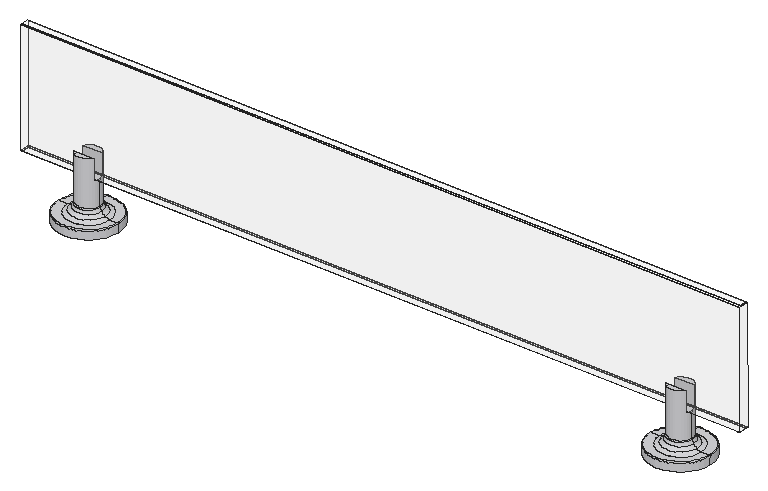
Revit family "Accessory-Shelf-KOHLER-Purist-K-14440BR", category Specialty Equipment, host Face, Revit 2017
Family settings
  Host = Face
  Round Connector Dimension = Use Diameter
  Part Type = Normal
  OmniClass Number = 23.31.25.00
  OmniClass Title = Toilet and Bath Specialties
  Cut with Voids When Loaded = No
  Shared = No
  Room Calculation Point = No
Parameters (values of type "CP-Polished Chrome")
  Width = 4 7/8"  # constant formula
  WaterSense Certified = 1 = 0  # no
  URL = "https://br.kohler.com/"
  Type = 1
  Product Page URL = "https://br.kohler.com/product-detail/14440br?skuid=K-14440BR-CP"
  Product Name = "Purist"  # constant formula
  Product Documentation Link = "http://resources.kohler.com/plumbing/kohlerbrazil/pdf/1087645_BR2.pdf"
  Model = "K-14440BR-CP"  # constant formula
  Material = "Premium Metal Construction"  # constant formula
  Master Format 2014 Name = "Toilet, Bath, and Laundry Accessories"  # constant formula
  Master Format 2014 = "10 28 00"  # constant formula
  Manufacturer Address = "Rio de Janeiro MULTIREPAROS RUA BATISTA DA COSTA, Nº 352 | STORE B Rio de Janeiro SÃO GONÇALO 24450-470"  # constant formula
  Manufacturer = "KOHLER Co."  # constant formula
  Length = 22 1/2"
  Height = 1 7/8"  # constant formula
  Finish = Kohler-Metal-CP-Polished_Chrome
  Environmental Product Declaration = ""
  Description = "Shelf"  # constant formula
  Default Elevation = 42"
  Declare Label = ""
  Date Modified = "07/09/2020"  # constant formula
  Date Created = "07/09/2020"  # constant formula
  Copyright = "Copyright KOHLER Co."  # constant formula
  Contact Us = "https://br.kohler.com/asr-listing"
  Assembly Code = "C1030200"
  ADA Compliant = 1 = 0  # no
Reference planes (in)
  plane 1 "Center (Front/Back)": y = 0
  plane 2: z = 0
  plane 3 "Center (Left/Right)": x = 0
  plane 4: x = -10.1875
  plane 5: x = -8.3125
  plane 6: z = 0.2559
  plane 7: x = -9.25
  plane 8: x = 10.1875
  plane 9: x = 8.3125
  plane 10: x = 9.25
  plane 11: y = 0.9375
  plane 12: y = -0.9375
  plane 13: z = 4.875
  plane 14: z = 1.92913
  plane 15: z = 1.29921
  plane 16: x = -11.25
  plane 17: x = 11.25
  plane 18: y = 0.15748
  plane 19: y = -0.15748
Dimensions and locks (in)
  plane 9 to plane 8 = 1 7/8"
  plane 4 to plane 5 = 1 7/8"
  "Height": plane 11 to plane 12
  "Length": plane 16 to plane 17
  plane 4 to plane 8 = 20 3/8"
  "Width": plane 13 to level
  aligned and locked: plane 2 to host face
  aligned and locked: level to host face
  aligned and locked: plane 3 "Center (Left/Right)" to nested 1
  aligned and locked: plane 1 "Center (Front/Back)" to nested 1
  aligned and locked: plane 16 to nested 1
  aligned and locked: plane 4 to nested 1
  aligned and locked: plane 7 to nested 1
  aligned and locked: plane 5 to nested 1
Automatic sketch dimensions
  host sketch curve to host sketch curve = 96"  (x2)
Nested families (in)
  nested 1: "K-14440BR" at (0, 0, 0), type "K-14440BR"
Definition of nested family "K-14440BR"
  Parameters (values of type "K-14440BR")
    Material = none
  Reference planes (in)
    plane 1 "Center (Front/Back)": y = 0
    plane 2: z = 0
    plane 3 "Center (Left/Right)": x = 0
    plane 4: x = 11.25
    plane 5: x = -11.25
    plane 6: z = 4.875
    plane 7: x = -9.25
    plane 8: x = 9.25
    plane 9: x = -8.3125
    plane 10: x = -10.1875
    plane 11: x = 10.1875
    plane 12: x = 8.3125
    plane 13: z = 1.29921
    plane 14: y = -0.9375
    plane 15: y = 0.9375
    plane 16: y = 0.15748
    plane 17: y = -0.15748
    plane 18: z = 1.92913
  Forms (in)
    Extrusion 1, solid, detail levels medium+fine
      sketch origin (0, 0, 0) x (1, 0, 0) y (0, 0, 1)
        loop
          line (-11.22736, 4.875) -> (-11.25, 4.85236) -> (-11.25, 1.32874) -> (-11.22047, 1.29921) -> (11.22047, 1.29921) -> (11.25, 1.32874) -> (11.25, 4.85236) -> (11.22736, 4.875) -> (-11.22736, 4.875)
      from -0.15748 to 0.15748
    Revolve 2, solid, material <- "Material", detail levels medium+fine
      sketch origin (0, 0, 0) x (1, 0, 0) y (0, 0, 1)
        loop
          line (-9.25, 0) -> (-9.25, 1.92913) -> (-9.6064, 1.92913) -> (-9.6064, 0.55118)
          arc (-9.6064, 0.55118) -> (-9.61584, 0.53456) -> (-9.62089, 0.51613) r 0.07695
          arc (-9.62089, 0.51613) -> (-9.634, 0.46178) -> (-9.657, 0.41081) r 0.29888
          arc (-9.657, 0.41081) -> (-9.70382, 0.35106) -> (-9.76594, 0.30744) r 0.25918
          arc (-9.76594, 0.30744) -> (-9.83406, 0.27783) -> (-9.90503, 0.2559) r 0.67278
          line (-9.90503, 0.2559) -> (-10.16691, 0.2559)
          arc (-10.16691, 0.2559) -> (-10.18147, 0.24987) -> (-10.1875, 0.23532) r 0.02059
          line (-10.1875, 0.23532) -> (-10.1875, 0) -> (-9.25, 0)
        axis (-9.25, 0) -> (-9.25, 1.92913)
      angle from 0 to 360
    Extrusion 3, void
      sketch origin (0, 0, 0) x (1, 0, 0) y (0, 0, 1)
        loop
          line (-9.56324, 2.00338) -> (-9.65982, 2.00338) -> (-9.65982, 1.29921) -> (-9.56324, 1.29921) -> (-9.56324, 2.00338)
        loop
          line (-8.93676, 2.00338) -> (-8.93676, 1.29921) -> (-8.84018, 1.29921) -> (-8.84018, 2.00338) -> (-8.93676, 2.00338)
      from -0.44704 to 0.43307
    Extrusion 4, void
      sketch origin (0, 0, 0) x (0, 1, 0) y (0, 0, 1)
        loop
          line (0.17001, 1.29921) -> (0.17001, 2.02638) -> (-0.17001, 2.02638) -> (-0.17001, 1.29921) -> (0.17001, 1.29921)
      from -11.97132 to 12
    Extrusion 5, void
      sketch origin (0, 0, 0) x (0, 1, 0) y (0, 0, 1)
        loop
          line (0.125, 4.875) -> (0.16189, 4.83811) -> (0.16189, 4.8919) -> (-0.16506, 4.8919) -> (-0.16506, 4.83494) -> (-0.125, 4.875) -> (0.125, 4.875)
      from -11.52539 to 12
    Extrusion 6, void
      sketch origin (0, 0, 6.17126) x (0, 1, 0) y (0, 0, 1)
        loop
          line (0.125, -4.875) -> (-0.125, -4.875) -> (-0.16506, -4.83494) -> (-0.16506, -4.8919) -> (0.16189, -4.8919) -> (0.16189, -4.83811) -> (0.125, -4.875)
      from -11.52539 to 12
    Revolve 7, solid, material <- "Material", detail levels medium+fine
      sketch origin (0, 0, 0) x (-1, 0, 0) y (0, 0, 1)
        loop
          line (-9.25, 0) -> (-9.25, 1.92913) -> (-9.6064, 1.92913) -> (-9.6064, 0.55118)
          arc (-9.6064, 0.55118) -> (-9.61584, 0.53456) -> (-9.62089, 0.51613) r 0.07695
          arc (-9.62089, 0.51613) -> (-9.634, 0.46178) -> (-9.657, 0.41081) r 0.29888
          arc (-9.657, 0.41081) -> (-9.70382, 0.35106) -> (-9.76594, 0.30744) r 0.25918
          arc (-9.76594, 0.30744) -> (-9.83406, 0.27783) -> (-9.90503, 0.2559) r 0.67278
          line (-9.90503, 0.2559) -> (-10.16691, 0.2559)
          arc (-10.16691, 0.2559) -> (-10.18147, 0.24987) -> (-10.1875, 0.23532) r 0.02059
          line (-10.1875, 0.23532) -> (-10.1875, 0) -> (-9.25, 0)
        axis (-9.25, 0) -> (-9.25, 1.92913)
      angle from 0 to 360
    Extrusion 8, solid, detail levels coarse
      sketch origin (0, 0, 0) x (1, 0, 0) y (0, 0, 1)
        loop
          line (-11.25, 4.875) -> (-11.25, 1.29921) -> (11.25, 1.29921) -> (11.25, 4.875) -> (-11.25, 4.875)
      from -0.15748 to 0.15748
    Revolve 9, solid, material <- "Material", detail levels coarse
      sketch origin (0, 0, 0) x (1, 0, 0) y (0, 0, 1)
        loop
          line (-9.25014, 0) -> (-9.25014, 1.92913) -> (-9.65291, 1.92913) -> (-9.65291, 1.29921) -> (-9.65291, 0.55865) -> (-10.1875, 0.25) -> (-10.1875, 0) -> (-9.25014, 0)
        axis (-9.25014, 0) -> (-9.25014, 1.92913)
      angle from 0 to 360
    Revolve 10, solid, material <- "Material", detail levels coarse
      sketch origin (0, 0, 0) x (-1, 0, 0) y (0, 0, 1)
        loop
          line (-9.25014, 0) -> (-9.25014, 1.92913) -> (-9.65291, 1.92913) -> (-9.65291, 1.29921) -> (-9.65291, 0.55865) -> (-10.1875, 0.25) -> (-10.1875, 0) -> (-9.25014, 0)
        axis (-9.25014, 0) -> (-9.25014, 1.92913)
      angle from 0 to 360
  Cuts and joins
    Extrusion 3, Extrusion 4 cuts Revolve 2
    Extrusion 4 cuts Revolve 7
    joined: Revolve 2, Revolve 7
    Extrusion 5, Extrusion 6 cuts Extrusion 1
    Extrusion 4 cuts Revolve 9
    Extrusion 4 cuts Revolve 10
    joined: Revolve 9, Revolve 10
  Lines and regions (in)
    Masking region 1
      outline origin (0, 0, 0) x (1, 0, 0) y (0, 0, 1)
        loop
          line (-11.25, 4.875) -> (-11.25, 1.29921) -> (-9.6064, 1.29921) -> (-9.6064, 0.55118)
          arc (-9.6064, 0.55118) -> (-9.61584, 0.53456) -> (-9.62089, 0.51613) r 0.07695
          arc (-9.62089, 0.51613) -> (-9.634, 0.46178) -> (-9.657, 0.41081) r 0.29888
          arc (-9.657, 0.41081) -> (-9.70382, 0.35106) -> (-9.76594, 0.30744) r 0.25918
          arc (-9.76594, 0.30744) -> (-9.83406, 0.27783) -> (-9.90503, 0.2559) r 0.67278
          line (-9.90503, 0.2559) -> (-10.16691, 0.2559)
          arc (-10.16691, 0.2559) -> (-10.18147, 0.24987) -> (-10.1875, 0.23532) r 0.02059
          line (-10.1875, 0.23532) -> (-10.1875, 0) -> (-8.3125, 0) -> (-8.3125, 0.23532)
          arc (-8.3125, 0.23532) -> (-8.31853, 0.24987) -> (-8.33309, 0.2559) r 0.02059
          line (-8.33309, 0.2559) -> (-8.59497, 0.2559)
          arc (-8.59497, 0.2559) -> (-8.66594, 0.27783) -> (-8.73406, 0.30744) r 0.67278
          arc (-8.73406, 0.30744) -> (-8.79618, 0.35106) -> (-8.843, 0.41081) r 0.25918
          arc (-8.843, 0.41081) -> (-8.866, 0.46178) -> (-8.87911, 0.51613) r 0.29888
          arc (-8.87911, 0.51613) -> (-8.88416, 0.53456) -> (-8.8936, 0.55118) r 0.07695
          line (-8.8936, 0.55118) -> (-8.8936, 1.29921) -> (8.8936, 1.29921) -> (8.8936, 0.55118)
          arc (8.8936, 0.55118) -> (8.88416, 0.53456) -> (8.87911, 0.51613) r 0.07695
          arc (8.87911, 0.51613) -> (8.866, 0.46178) -> (8.843, 0.41081) r 0.29888
          arc (8.843, 0.41081) -> (8.79618, 0.35106) -> (8.73406, 0.30744) r 0.25918
          arc (8.73406, 0.30744) -> (8.66594, 0.27783) -> (8.59497, 0.2559) r 0.67278
          line (8.59497, 0.2559) -> (8.33309, 0.2559)
          arc (8.33309, 0.2559) -> (8.31853, 0.24987) -> (8.3125, 0.23532) r 0.02059
          line (8.3125, 0.23532) -> (8.3125, 0) -> (10.1875, 0) -> (10.1875, 0.23532)
          arc (10.1875, 0.23532) -> (10.18147, 0.24987) -> (10.16691, 0.2559) r 0.02059
          line (10.16691, 0.2559) -> (9.90503, 0.2559)
          arc (9.90503, 0.2559) -> (9.83406, 0.27783) -> (9.76594, 0.30744) r 0.67278
          arc (9.76594, 0.30744) -> (9.70382, 0.35106) -> (9.657, 0.41081) r 0.25918
          arc (9.657, 0.41081) -> (9.634, 0.46178) -> (9.62089, 0.51613) r 0.29888
          arc (9.62089, 0.51613) -> (9.61584, 0.53456) -> (9.6064, 0.55118) r 0.07695
          line (9.6064, 0.55118) -> (9.6064, 1.29921) -> (11.25, 1.29921) -> (11.25, 4.875) -> (-11.25, 4.875)
    Masking region 2
      outline origin (0, 0, 0) x (0, 1, 0) y (0, 0, 1)
        loop
          line (-0.15748, 4.875) -> (-0.15748, 1.92913) -> (-0.3564, 1.92913) -> (-0.3564, 0.55118)
          arc (-0.3564, 0.55118) -> (-0.36584, 0.53456) -> (-0.37089, 0.51613) r 0.07695
          arc (-0.37089, 0.51613) -> (-0.384, 0.46178) -> (-0.407, 0.41081) r 0.29888
          arc (-0.407, 0.41081) -> (-0.45382, 0.35106) -> (-0.51594, 0.30744) r 0.25918
          arc (-0.51594, 0.30744) -> (-0.58406, 0.27783) -> (-0.65503, 0.2559) r 0.67278
          line (-0.65503, 0.2559) -> (-0.91691, 0.2559)
          arc (-0.91691, 0.2559) -> (-0.93147, 0.24987) -> (-0.9375, 0.23532) r 0.02059
          line (-0.9375, 0.23532) -> (-0.9375, 0) -> (0.9375, 0) -> (0.9375, 0.23532)
          arc (0.9375, 0.23532) -> (0.93147, 0.24987) -> (0.91691, 0.2559) r 0.02059
          line (0.91691, 0.2559) -> (0.65503, 0.2559)
          arc (0.65503, 0.2559) -> (0.58406, 0.27783) -> (0.51594, 0.30744) r 0.67278
          arc (0.51594, 0.30744) -> (0.45382, 0.35106) -> (0.407, 0.41081) r 0.25918
          arc (0.407, 0.41081) -> (0.384, 0.46178) -> (0.37089, 0.51613) r 0.29888
          arc (0.37089, 0.51613) -> (0.36584, 0.53456) -> (0.3564, 0.55118) r 0.07695
          line (0.3564, 0.55118) -> (0.3564, 1.92913) -> (0.15748, 1.92913) -> (0.15748, 4.875) -> (-0.15748, 4.875)
    Masking region 3
      outline origin (0, 0, 0) x (1, 0, 0) y (0, 1, 0)
        loop
          line (-11.25, 0.15748) -> (-11.25, -0.15748) -> (-10.17418, -0.15748)
          arc (-10.17418, -0.15748) -> (-9.85468, -0.71643) -> (-9.25, -0.9375) r 0.9375
          arc (-9.25, -0.9375) -> (-8.64532, -0.71643) -> (-8.32582, -0.15748) r 0.9375
          line (-8.32582, -0.15748) -> (8.32582, -0.15748)
          arc (8.32582, -0.15748) -> (8.64532, -0.71643) -> (9.25, -0.9375) r 0.9375
          arc (9.25, -0.9375) -> (9.85468, -0.71643) -> (10.17418, -0.15748) r 0.9375
          line (10.17418, -0.15748) -> (11.25, -0.15748) -> (11.25, 0.15748) -> (10.17418, 0.15748)
          arc (10.17418, 0.15748) -> (9.85468, 0.71643) -> (9.25, 0.9375) r 0.9375
          arc (9.25, 0.9375) -> (8.64532, 0.71643) -> (8.32582, 0.15748) r 0.9375
          line (8.32582, 0.15748) -> (-8.32582, 0.15748)
          arc (-8.32582, 0.15748) -> (-8.64532, 0.71643) -> (-9.25, 0.9375) r 0.9375
          arc (-9.25, 0.9375) -> (-9.85468, 0.71643) -> (-10.17418, 0.15748) r 0.9375
          line (-10.17418, 0.15748) -> (-11.25, 0.15748)
    symbolic lines, detail levels medium+fine
      curve 1: line (-9.6064, 0, 1.29921) -> (-9.56324, 0, 1.29921)
      curve 2: line (-9.56324, 0, 1.29921) -> (-9.56324, 0, 1.92913)
      curve 3: line (-9.56324, 0, 1.92913) -> (-8.93676, 0, 1.92913)
      curve 4: line (-8.93676, 0, 1.92913) -> (-8.93676, 0, 1.29921)
      curve 5: line (-8.93676, 0, 1.29921) -> (-8.8936, 0, 1.29921)
      curve 6: line (-9.6064, 0, 0.55118) -> (-8.8936, 0, 0.55118)
      curve 7: line (-9.90503, 0, 0.2559) -> (-8.59497, 0, 0.2559)
      curve 8: line (9.6064, 0, 1.29921) -> (9.56324, 0, 1.29921)
      curve 9: line (9.56324, 0, 1.29921) -> (9.56324, 0, 1.92913)
      curve 10: line (9.56324, 0, 1.92913) -> (8.93676, 0, 1.92913)
      curve 11: line (8.93676, 0, 1.92913) -> (8.93676, 0, 1.29921)
      curve 12: line (8.93676, 0, 1.29921) -> (8.8936, 0, 1.29921)
      curve 13: line (9.6064, 0, 0.55118) -> (8.8936, 0, 0.55118)
      curve 14: line (9.90503, 0, 0.2559) -> (8.59497, 0, 0.2559)
      curve 15: line (0, -0.15748, 1.92913) -> (0, -0.15748, 1.29921)
      curve 16: line (0, -0.15748, 1.29921) -> (0, 0.15748, 1.29921)
      curve 17: line (0, 0.15748, 1.29921) -> (0, 0.15748, 1.92913)
      curve 18: line (0, -0.17001, 1.92913) -> (0, -0.17001, 1.29921)
      curve 19: line (0, -0.17001, 1.29921) -> (0, 0.17001, 1.29921)
      curve 20: line (0, 0.17001, 1.29921) -> (0, 0.17001, 1.92913)
      curve 21: line (0, -0.3564, 0.55118) -> (0, 0.3564, 0.55118)
      curve 22: line (0, -0.65503, 0.2559) -> (0, 0.65503, 0.2559)
      curve 23: arc (-9.88582, -0.15748, 0) -> (-9.25, -0.65503, 0) -> (-8.61418, -0.15748, 0) r 0.65503
      curve 24: arc (-8.93028, 0.15748, 0) -> (-9.25, 0.3564, 0) -> (-9.56972, 0.15748, 0) r 0.3564
      curve 25: arc (-9.56972, -0.15748, 0) -> (-9.25, -0.3564, 0) -> (-8.93028, -0.15748, 0) r 0.3564
      curve 26: line (-9.56324, 0.17001, 0) -> (-8.93676, 0.17001, 0)
      curve 27: line (-9.56324, -0.17001, 0) -> (-8.93676, -0.17001, 0)
      curve 28: arc (-8.61418, 0.15748, 0) -> (-9.25, 0.65503, 0) -> (-9.88582, 0.15748, 0) r 0.65503
      curve 29: arc (9.88582, -0.15748, 0) -> (9.25, -0.65503, 0) -> (8.61418, -0.15748, 0) r 0.65503
      curve 30: arc (8.93028, 0.15748, 0) -> (9.25, 0.3564, 0) -> (9.56972, 0.15748, 0) r 0.3564
      curve 31: arc (9.56972, -0.15748, 0) -> (9.25, -0.3564, 0) -> (8.93028, -0.15748, 0) r 0.3564
      curve 32: line (9.56324, 0.17001, 0) -> (8.93676, 0.17001, 0)
      curve 33: line (9.56324, -0.17001, 0) -> (8.93676, -0.17001, 0)
      curve 34: arc (8.61418, 0.15748, 0) -> (9.25, 0.65503, 0) -> (9.88582, 0.15748, 0) r 0.65503
      curve 35: line (8.32582, 0.15748, 0) -> (10.17418, 0.15748, 0)
      curve 36: line (8.32582, -0.15748, 0) -> (10.17418, -0.15748, 0)
      curve 37: line (-10.17418, 0.15748, 0) -> (-8.32582, 0.15748, 0)
      curve 38: line (-10.17418, -0.15748, 0) -> (-8.32582, -0.15748, 0)
  Dimensions and locks (in)
    plane 7 to plane 8 = 18 1/2"
    plane 10 to plane 9 = 1 7/8"
    plane 12 to plane 11 = 1 7/8"
    plane 15 to plane 14 = 1 7/8"
    plane 5 to plane 4 = 22 1/2"
    plane 6 to level = 4 7/8"
    aligned and locked: plane 2 to level
